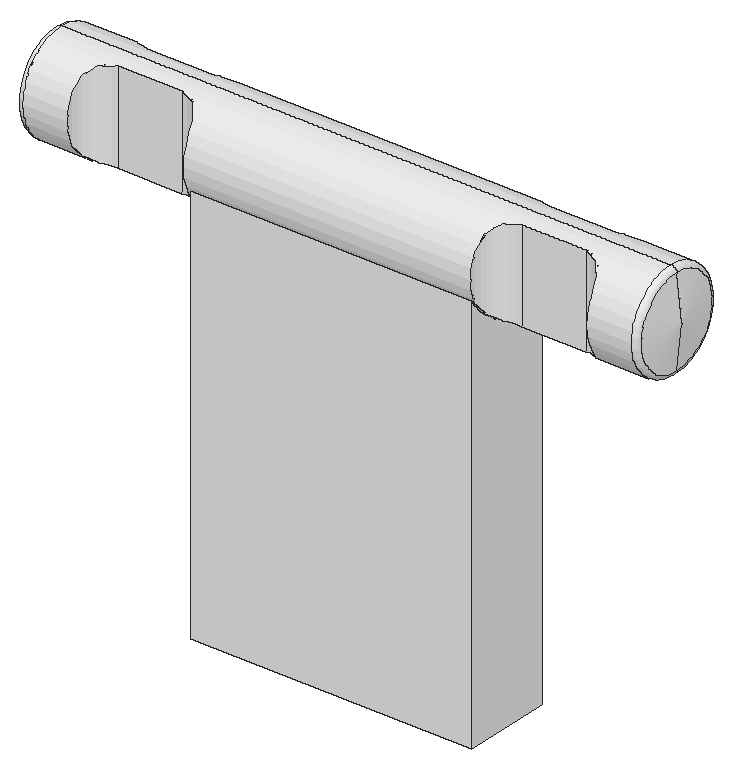
Revit family "Robe Hook-Dorf Enigma", category Specialty Equipment, host Face, Revit 2014
Parameters (values of type "Standard")
  URL = "http://specify.caroma.com.au/"
  Type Comments = "Dorf Enigma Robe Hook"  # constant formula
  ModifiedIssue_ANZRS = 20160317.54  # constant formula
  Model = "6581.04"  # constant formula
  Material_ANZRS = Metal-Chrome-Caroma
  Manufacturer = "GWA Bathrooms&Kitchens\r\n"  # constant formula
  Keynote = ""
  Description = "TBC"  # constant formula
  Default Elevation = 0 mm
  CreatedBy_ANZRS = "Design Content"  # constant formula
  CreatedByURL_ANZRS = "http://www.designcontent.com.au"
  Cost = 0  # constant formula
  Assembly Code = "C1030200"
Reference planes
  plane 1 "Center (Front/Back)": y = 0
  plane 2: z = 0
  plane 3 "Center (Left/Right)": x = 0
Forms (mm)
  Extrusion 1, solid, material "Metal-Chrome-Caroma" <- "Material_ANZRS"
    sketch origin (0, 0, 0) x (1, 0, 0) y (0, 0, 1)
      loop
        line (-22.2, 64.183) -> (-22.2, 0) -> (22.257, 0) -> (22.257, 64.183) -> (-22.2, 64.183)
    from -7 to 7
  Revolve 2, solid, material "Metal-Chrome-Caroma" <- "Material_ANZRS"
    sketch origin (0, 0, 0) x (1, 0, 0) y (0, 0, 1)
      loop
        line (48.218, 74.75) -> (-48.218, 74.75)
        arc (-48.218, 74.75) -> (-48.847, 74.527) -> (-49.196, 73.959) r 0.999
        arc (-49.196, 73.959) -> (-49.763, 70.473) -> (-49.994, 66.95) r 36.816
        line (-49.994, 66.95) -> (49.994, 66.95)
        arc (49.994, 66.95) -> (49.763, 70.473) -> (49.196, 73.959) r 36.816
        arc (49.196, 73.959) -> (48.847, 74.527) -> (48.218, 74.75) r 0.999
      axis (-49.994, 66.95) -> (49.994, 66.95)
    angle from 0 to 360
  Extrusion 3, void
    sketch origin (0, 0, 0) x (1, 0, 0) y (0, 1, 0)
      loop
        arc (-41.203, 7.824) -> (-40.2, 4.447) -> (-37.048, 2.873) r 4.424
        line (-37.048, 2.873) -> (-26.9, 2.873)
        arc (-26.9, 2.873) -> (-23.748, 4.447) -> (-22.745, 7.824) r 4.424
        line (-22.745, 7.824) -> (-22.745, 9.954) -> (-41.203, 9.954) -> (-41.203, 7.824)
      loop
        line (-41.203, -7.824) -> (-41.203, -9.954) -> (-22.745, -9.954) -> (-22.745, -7.824)
        arc (-22.745, -7.824) -> (-23.748, -4.447) -> (-26.9, -2.873) r 4.424
        line (-26.9, -2.873) -> (-37.048, -2.873)
        arc (-37.048, -2.873) -> (-40.2, -4.447) -> (-41.203, -7.824) r 4.424
      loop
        line (41.203, 7.824) -> (41.203, 9.954) -> (22.745, 9.954) -> (22.745, 7.824)
        arc (22.745, 7.824) -> (23.748, 4.447) -> (26.9, 2.873) r 4.424
        line (26.9, 2.873) -> (37.048, 2.873)
        arc (37.048, 2.873) -> (40.2, 4.447) -> (41.203, 7.824) r 4.424
      loop
        arc (41.203, -7.824) -> (40.2, -4.447) -> (37.048, -2.873) r 4.424
        line (37.048, -2.873) -> (26.9, -2.873)
        arc (26.9, -2.873) -> (23.748, -4.447) -> (22.745, -7.824) r 4.424
        line (22.745, -7.824) -> (22.745, -9.954) -> (41.203, -9.954) -> (41.203, -7.824)
    from 50.16 to 92.089
  Extrusion 4, void
    sketch origin (0, 0, 0) x (1, 0, 0) y (0, 0, 1)
      loop
        line (-22.5, 58.795) -> (22.5, 58.795) -> (22.5, 62.772) -> (-22.5, 62.772) -> (-22.5, 58.795)
    from -11.423 to 9.56
Cuts and joins
  Extrusion 3, Extrusion 4 cuts Revolve 2
  joined: Extrusion 1, Revolve 2
Dimensions and locks
  aligned and locked: plane 2 to host face
  aligned and locked: level to host face
